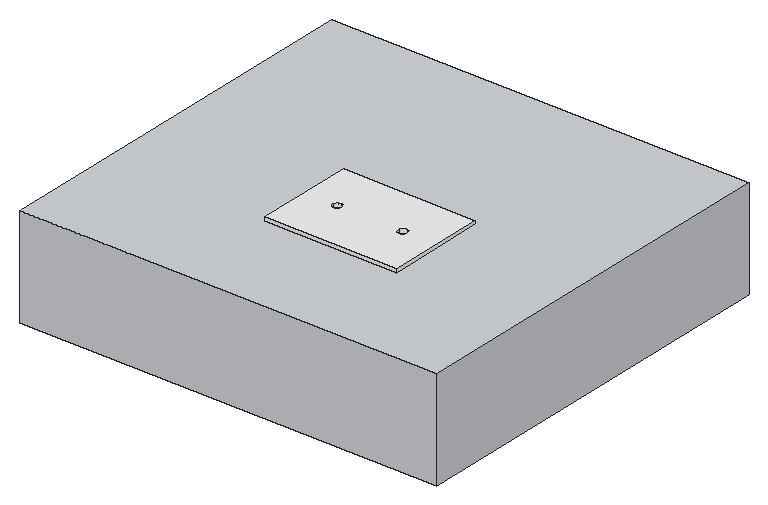
Revit family
Parameters (values of type "10mm")
  폭 [instance] = 300 mm
  두께 = 10 mm
  강판 재료 = 금속 - 스틸 - 345 MPa
  길이 [instance] = 400 mm
  수평 구멍 간격두기 [instance] = 200 mm
  구멍 반지름 [instance] = 구멍 지름 / 2  # 13.5 mm
  구멍 지름 [instance] = 27 mm
  Default Elevation = 1200 mm
Types (7, lengths in mm): name | 두께
  (no name) | 10
  5mm | 5
  10mm | 10
  15mm | 15
  20mm | 20
  25mm | 25
  30mm | 30
Reference planes
  plane 1 "중심(앞/뒤)": y = 0
  plane 2: z = 0
  plane 3 "중심(왼쪽/오른쪽)": x = 0
  plane 4: x = -200
  plane 5: x = 200
  plane 6: y = 150
  plane 7: y = -150
  plane 8: x = -100
  plane 9: x = 100
  plane 10: z = 10
  plane 11: x = -100
  plane 12: x = 100
Forms (mm)
  Extrusion 1, solid
    sketch origin (0, 0, 0) x (1, 0, 0) y (0, 1, 0)
      loop
        line (-685.8, 711.2) -> (-685.8, -475.324) -> (583.617, -475.324) -> (583.617, 711.2) -> (-685.8, 711.2)
    from 0 to -304.8
  Extrusion 2, solid, material "금속 - 스틸 - 345 MPa" <- "강판 재료"
    sketch origin (0, 0, 0) x (1, 0, 0) y (0, 1, 0)
      loop
        line (-200, 150) -> (-200, -150) -> (200, -150) -> (200, 150) -> (-200, 150)
    from 0 to 10
  Extrusion 3, void
    sketch origin (0, 0, 0) x (1, 0, 0) y (0, 1, 0)
      loop
        circle (-100, 0) r 13.5
      loop
        circle (100, 0) r 13.5
    from 0 to 10
Cuts and joins
  Extrusion 3 cuts Extrusion 2
Dimensions and locks
  "길이": plane 4 to plane 5
  equal spacing: plane 4, plane 3 "중심(왼쪽/오른쪽)", plane 5
  equal spacing: plane 7, plane 1 "중심(앞/뒤)", plane 6
  "폭": plane 7 to plane 6
  equal spacing: plane 8, plane 3 "중심(왼쪽/오른쪽)", plane 9
  "수평 구멍 간격두기": plane 8 to plane 9
  "두께": plane 10 to plane 2
  "구멍 반지름": radius of Extrusion 3 sketch curve  (x2)
  aligned and locked: plane 2 to Extrusion 1
  aligned and locked: level to Extrusion 1
  aligned and locked: plane 4 to Extrusion 2 sketch curve
  aligned and locked: Extrusion 2 sketch curve to plane 6
  aligned and locked: plane 7 to Extrusion 2 sketch curve
  aligned and locked: plane 5 to Extrusion 2 sketch curve
  aligned and locked: plane 10 to Extrusion 2
  aligned and locked: Extrusion 2 to level
  aligned and locked: plane 8 to Extrusion 3 sketch curve
  aligned and locked: plane 9 to Extrusion 3 sketch curve
  aligned and locked: Extrusion 2 to Extrusion 3
  aligned and locked: Extrusion 3 to level
  aligned and locked: plane 1 "중심(앞/뒤)" to Extrusion 3 sketch curve  (x2)
  aligned and locked: plane 8 to plane 11
  aligned and locked: plane 12 to plane 9
Automatic sketch dimensions
  Extrusion 1 sketch curve to Extrusion 1 sketch curve = 1269.417 mm
  Extrusion 1 sketch curve to Extrusion 1 sketch curve = 1186.524 mm
